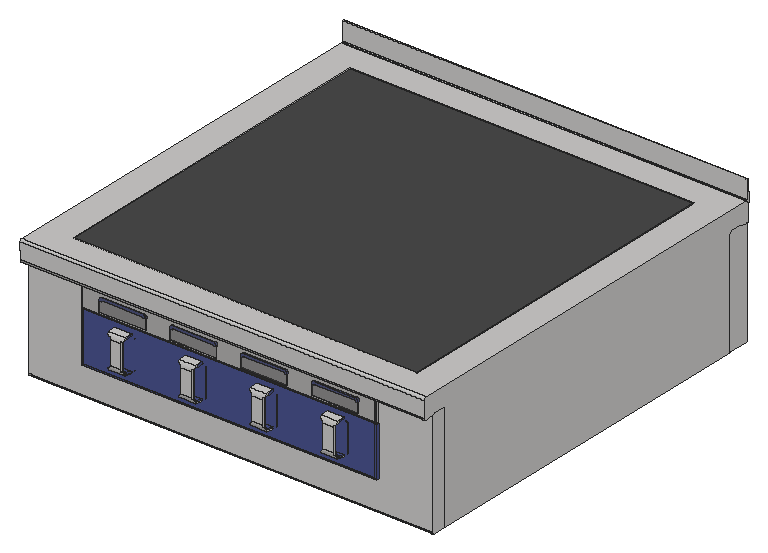
Revit family "QF_ELECTROLUXPROFESSIONAL_588016_MACDABHOAO", category Specialty Equipment, Revit 2018
Family settings
  Round Connector Dimension = Use Diameter
  Part Type = Normal
  Work Plane-Based = No
  Always vertical = Yes
  Cut with Voids When Loaded = No
  Shared = No
  Room Calculation Point = No
Parameters
  Weight in Pounds = 83.7757
  Watts = 16000 VA  # 16000 W
  Volts = 400 V  # constant formula
  URL Cutsheet = ""
  Type Mark [instance] = ""
  Status [instance] = ""
  Specification by User [instance] = ""
  Specification by Manufacturer = ""
  Show Backsplash [instance] = yes
  Serial Number = ""
  Seismic Rating = ""
  SMACNA No = ""
  Revision Code [instance] = ""
  Phase = 3  # constant formula
  Omniclass Number and Title = ""
  Number of Poles [instance] = 1
  NAFEM Spec ID Number = ""
  Model = "588016"
  Min Ckt Ampacity = 0 A
  Max Overcurrent Protection = 0 A
  Masterspec = ""
  Manufacturer = "ELECTROLUX"
  Item Number [instance] = ""
  Installed By [instance] = ""
  Identify Quantity as Lot [instance] = yes
  HP = "21.5 HP"
  Furnished By [instance] = ""
  Foodservice Equipment Identifier [instance] = yes
  FL Amps [instance] = if(Phase = 3, Watts / (Volts * 1.73), Watts / Volts)  # 23.1214 A
  Electrical Remarks = "400 V/3N ph/50/60 Hz"  # constant formula
  Electric Connection Type [instance] = ""
  Elec Conn RI Height [instance] = 0 mm
  Elec Conn Connection Height [instance] = 0 mm
  Direct Waste Size = 0"
  Description = "INFRARED TOP,4 ZONES,1S,BS,800X800X250H"
  Cycle [instance] = if([60 Hertz Option], 60 Hz, 50 Hz)  # 60 Hz
  Conn Plug = ""
  Conn Conduit = yes
  CSI MasterFormat = ""
  CSI Master Format = ""
  Back Panel [instance] = not(Show Backsplash)  # no
  Apparent Power [instance] = if(Phase = 3, Volts * FL Amps * 1.73, Volts * FL Amps)  # 16000 VA
  60 Hertz Option [instance] = not([50 Hertz Option])  # yes
  50 Hertz Option [instance] = no
Reference planes
  plane 1 "BACK": y = 0
  plane 2: z = 0
  plane 3 "LEFT": x = 0
  plane 4 "RIGHT": x = 800
  plane 5 "FRONT": y = -800
  plane 6 "TOP": z = 250
  plane 7: x = 400
  plane 8: y = -400
Forms (mm)
  Extrusion 1, solid, material "QF_Finishes_Stainless Steel"
    sketch origin (0, -487.128, 0) x (0, 1, 0) y (0, 0, 1)
      loop
        line (483.128, 250) -> (-308.872, 250)
        arc (-308.872, 250) -> (-311.7, 248.828) -> (-312.872, 246) r 4
        line (-312.872, 246) -> (-312.872, 214)
        arc (-312.872, 214) -> (-311.443, 210.936) -> (-308.177, 210.061) r 4
        line (-308.177, 210.061) -> (-291.509, 213) -> (-266.872, 213) -> (-266.872, 0) -> (441.128, 0) -> (441.128, 213) -> (465.765, 213) -> (482.433, 210.061)
        arc (482.433, 210.061) -> (485.699, 210.936) -> (487.128, 214) r 4
        line (487.128, 214) -> (487.128, 246)
        arc (487.128, 246) -> (485.956, 248.828) -> (483.128, 250) r 4
    from 0 to 800
  Extrusion 2, solid, material "QF_Finishes_Stainless Steel", visible <- "Back Panel"
    sketch origin (0, 0, 0) x (0, 1, 0) y (0, 0, 1)
      loop
        line (-46, 0) -> (-23, 0)
        arc (-23, 0) -> (-20.879, -0.879) -> (-20, -3) r 3
        line (-20, -3) -> (-20, 215)
        arc (-20, 215) -> (-20.586, 213.586) -> (-22, 213) r 2
        line (-22, 213) -> (-46, 213) -> (-46, 0)
    from 0 to 800
  Extrusion 3, void
    sketch origin (653.786, 44.048, 250) x (1, 0, 0) y (0, -1, 0)
      loop
        line (-593.786, 104.048) -> (86.214, 104.048) -> (86.214, 787.779) -> (-593.786, 787.779) -> (-593.786, 104.048)
    from 0 to 37
  Extrusion 4, solid, material "QF_Finishes_Stainless Steel"
    sketch origin (0, -754, 0) x (1, 0, 0) y (0, -1, 0)
      loop
        circle (755, -69) r 6.35
    from 0 to 3.2
  Extrusion 5, solid, material "QF_Finishes_Black"
    sketch origin (653.786, 44.048, 213) x (1, 0, 0) y (0, 1, 0)
      loop
        line (-593.786, -787.779) -> (86.214, -787.779) -> (86.214, -104.048) -> (-593.786, -104.048) -> (-593.786, -787.779)
    from 0 to 37
  Extrusion 6, solid, material "QF_Finishes_Stainless Steel", visible <- "Show Backsplash"
    sketch origin (0, 0, 0) x (0, 1, 0) y (0, 0, 1)
      loop
        line (-2.951, 2) -> (-2.951, 210.133)
        arc (-2.951, 210.133) -> (-3.795, 210.009) -> (-4.646, 210.066) r 4
        line (-4.646, 210.066) -> (-21.287, 213) -> (-45, 213) -> (-45, 0) -> (-4.951, 0)
        arc (-4.951, 0) -> (-3.537, 0.586) -> (-2.951, 2) r 2
      loop
        arc (-1.951, 252.006) -> (-2.537, 250.592) -> (-3.951, 250.006) r 2
        arc (-3.951, 250.006) -> (-1.172, 248.828) -> (0, 246) r 4
        line (0, 246) -> (0, 288.006) -> (-1.951, 288.006) -> (-1.951, 252.006)
    from 800 to 0
Cuts and joins
  Extrusion 3 cuts Extrusion 1
Lines and regions (mm)
  symbolic lines
    curve 1: line (0, 0, 0) -> (800, 0, 0)
    curve 2: line (0, -800, 0) -> (0, 0, 0)
    curve 3: line (800, -800, 0) -> (0, -800, 0)
    curve 4: line (800, 0, 0) -> (800, -800, 0)
    curve 5: line (740, -743.73, 0) -> (740, -60, 0)
    curve 6: line (740, -60, 0) -> (60, -60, 0)
    curve 7: line (60, -60, 0) -> (60, -743.73, 0)
    curve 8: line (60, -743.73, 0) -> (740, -743.73, 0)
    curve 10: line (173.641, -802.326, 0) -> (173.641, -800, 0)
    curve 11: spline (179.31, -803.73, 0) -> (178.831, -803.657, 0) -> (178.353, -803.575, 0) -> (177.876, -803.486, 0) -> (177.4, -803.389, 0) -> (176.925, -803.283, 0) -> (176.452, -803.17, 0) -> (175.98, -803.049, 0) -> (175.509, -802.92, 0) -> (175.039, -802.783, 0) -> (174.572, -802.638, 0) -> (174.105, -802.486, 0) -> (173.641, -802.326, 0)
    curve 12: line (205.857, -802.326, 0) -> (205.857, -800, 0)
    curve 13: spline (205.857, -802.326, 0) -> (205.392, -802.486, 0) -> (204.926, -802.638, 0) -> (204.458, -802.783, 0) -> (203.989, -802.92, 0) -> (203.518, -803.049, 0) -> (203.046, -803.17, 0) -> (202.572, -803.283, 0) -> (202.098, -803.389, 0) -> (201.622, -803.486, 0) -> (201.145, -803.575, 0) -> (200.667, -803.657, 0) -> (200.188, -803.73, 0)
    curve 14: line (179.31, -803.73, 0) -> (200.188, -803.73, 0)
    curve 15: line (313.892, -802.326, 0) -> (313.892, -800, 0)
    curve 16: spline (319.561, -803.73, 0) -> (319.082, -803.657, 0) -> (318.604, -803.575, 0) -> (318.127, -803.486, 0) -> (317.651, -803.389, 0) -> (317.177, -803.283, 0) -> (316.703, -803.17, 0) -> (316.231, -803.049, 0) -> (315.76, -802.92, 0) -> (315.29, -802.783, 0) -> (314.823, -802.638, 0) -> (314.357, -802.486, 0) -> (313.892, -802.326, 0)
    curve 17: line (346.108, -802.326, 0) -> (346.108, -800, 0)
    curve 18: spline (346.108, -802.326, 0) -> (345.643, -802.486, 0) -> (345.177, -802.638, 0) -> (344.71, -802.783, 0) -> (344.24, -802.92, 0) -> (343.769, -803.049, 0) -> (343.297, -803.17, 0) -> (342.823, -803.283, 0) -> (342.349, -803.389, 0) -> (341.873, -803.486, 0) -> (341.396, -803.575, 0) -> (340.918, -803.657, 0) -> (340.439, -803.73, 0)
    curve 19: line (319.561, -803.73, 0) -> (340.439, -803.73, 0)
    curve 20: line (626.359, -802.326, 0) -> (626.359, -800, 0)
    curve 21: spline (620.69, -803.73, 0) -> (621.169, -803.657, 0) -> (621.647, -803.575, 0) -> (622.124, -803.486, 0) -> (622.6, -803.389, 0) -> (623.075, -803.283, 0) -> (623.548, -803.17, 0) -> (624.02, -803.049, 0) -> (624.491, -802.92, 0) -> (624.961, -802.783, 0) -> (625.428, -802.638, 0) -> (625.895, -802.486, 0) -> (626.359, -802.326, 0)
    curve 22: line (594.143, -802.326, 0) -> (594.143, -800, 0)
    curve 23: spline (594.143, -802.326, 0) -> (594.608, -802.486, 0) -> (595.074, -802.638, 0) -> (595.542, -802.783, 0) -> (596.011, -802.92, 0) -> (596.482, -803.049, 0) -> (596.954, -803.17, 0) -> (597.428, -803.283, 0) -> (597.902, -803.389, 0) -> (598.378, -803.486, 0) -> (598.855, -803.575, 0) -> (599.333, -803.657, 0) -> (599.812, -803.73, 0)
    curve 24: line (620.69, -803.73, 0) -> (599.812, -803.73, 0)
    curve 25: line (486.108, -802.326, 0) -> (486.108, -800, 0)
    curve 26: spline (480.439, -803.73, 0) -> (480.918, -803.657, 0) -> (481.396, -803.575, 0) -> (481.873, -803.486, 0) -> (482.349, -803.389, 0) -> (482.823, -803.283, 0) -> (483.297, -803.17, 0) -> (483.769, -803.049, 0) -> (484.24, -802.92, 0) -> (484.71, -802.783, 0) -> (485.177, -802.638, 0) -> (485.643, -802.486, 0) -> (486.108, -802.326, 0)
    curve 27: line (453.892, -802.326, 0) -> (453.892, -800, 0)
    curve 28: spline (453.892, -802.326, 0) -> (454.357, -802.486, 0) -> (454.823, -802.638, 0) -> (455.29, -802.783, 0) -> (455.76, -802.92, 0) -> (456.231, -803.049, 0) -> (456.703, -803.17, 0) -> (457.177, -803.283, 0) -> (457.651, -803.389, 0) -> (458.127, -803.486, 0) -> (458.604, -803.575, 0) -> (459.082, -803.657, 0) -> (459.561, -803.73, 0)
    curve 29: line (480.439, -803.73, 0) -> (459.561, -803.73, 0)
  symbolic lines, visible <- "Show Backsplash"
    curve 9: line (0, -1.951, 0) -> (800, -1.951, 0)
Dimensions and locks
  plane 3 "LEFT" to plane 4 "RIGHT" = 800 mm
  plane 5 "FRONT" to plane 1 "BACK" = 800 mm
  equal spacing: plane 3 "LEFT", plane 7, plane 4 "RIGHT"
  equal spacing: plane 5 "FRONT", plane 8, plane 1 "BACK"
  plane 6 "TOP" to level = 250 mm  (x2)
  plane 1 "BACK" to plane 5 "FRONT" = 800 mm
  Extrusion 4 sketch curve to plane 1 "BACK" = 685 mm
  Extrusion 4 sketch curve to plane 4 "RIGHT" = 45 mm
  aligned and locked: level to plane 2
  aligned and locked: cut or joined group of Extrusion 1, Extrusion 3 to plane 4 "RIGHT"
  aligned and locked: Extrusion 2 to plane 4 "RIGHT"
  aligned and locked: Extrusion 6 to plane 4 "RIGHT"
  aligned and locked: plane 7 to nested 1
Automatic sketch dimensions
  plane 1 "BACK" to Extrusion 2 sketch curve = 46 mm
  Extrusion 2 sketch curve to Extrusion 2 sketch curve = 23 mm
  plane 1 "BACK" to Extrusion 2 sketch curve = 22 mm
  Extrusion 2 sketch curve to Extrusion 2 sketch curve = 2 mm
  Extrusion 2 sketch curve to plane 6 "TOP" = 253 mm
  level to Extrusion 2 sketch curve = 213 mm
  Extrusion 1 sketch curve to plane 5 "FRONT" = 0 mm
  Extrusion 1 sketch curve to plane 6 "TOP" = 0 mm
  Extrusion 1 sketch curve to level = 0 mm
  Extrusion 1 sketch curve to plane 1 "BACK" = 0 mm
  Extrusion 1 sketch curve to plane 6 "TOP" = 37 mm  (x2)
  Extrusion 1 sketch curve to plane 5 "FRONT" = 4 mm
  Extrusion 1 sketch curve to plane 5 "FRONT" = 21.363 mm
  Extrusion 1 sketch curve to plane 5 "FRONT" = 46 mm
  plane 1 "BACK" to Extrusion 1 sketch curve = 21.363 mm
  plane 1 "BACK" to Extrusion 1 sketch curve = 4 mm  (x2)
  Extrusion 1 sketch curve to Extrusion 1 sketch curve = 4 mm
  Extrusion 1 sketch curve to Extrusion 1 sketch curve = 0.695 mm
  Extrusion 1 sketch curve to Extrusion 1 sketch curve = 0 mm  (x4)
  plane 1 "BACK" to Extrusion 1 sketch curve = 4.695 mm
  Extrusion 1 sketch curve to Extrusion 1 sketch curve = 1 mm  (x2)
  plane 1 "BACK" to Extrusion 1 sketch curve = 46 mm
  Extrusion 6 sketch curve to level = 0 mm
  Extrusion 6 sketch curve to plane 1 "BACK" = 0 mm  (x2)
  level to Extrusion 6 sketch curve = 2 mm
  Extrusion 6 sketch curve to plane 6 "TOP" = 0 mm
  plane 1 "BACK" to Extrusion 6 sketch curve = 1.951 mm
  plane 1 "BACK" to Extrusion 6 sketch curve = 2.951 mm
  Extrusion 6 sketch curve to Extrusion 6 sketch curve = 18.335 mm
  Extrusion 6 sketch curve to Extrusion 6 sketch curve = 40.049 mm
  Extrusion 6 sketch curve to Extrusion 6 sketch curve = 1.695 mm
  Extrusion 6 sketch curve to Extrusion 6 sketch curve = 0 mm  (x3)
  plane 1 "BACK" to Extrusion 6 sketch curve = 4 mm
  plane 1 "BACK" to Extrusion 6 sketch curve = 3.951 mm
  Extrusion 6 sketch curve to Extrusion 6 sketch curve = 2 mm
  Extrusion 6 sketch curve to Extrusion 6 sketch curve = 35.867 mm
  Extrusion 6 sketch curve to plane 6 "TOP" = 37 mm
  plane 6 "TOP" to Extrusion 6 sketch curve = 2.006 mm
  Extrusion 6 sketch curve to Extrusion 6 sketch curve = 36 mm
  Extrusion 6 sketch curve to Extrusion 6 sketch curve = 0.066 mm
  plane 1 "BACK" to curve 1 = 0 mm
  curve 1 to plane 4 "RIGHT" = 0 mm
  curve 2 to plane 3 "LEFT" = 0 mm
  plane 5 "FRONT" to curve 3 = 0 mm
  plane 4 "RIGHT" to curve 5 = 60 mm
  plane 5 "FRONT" to curve 20 = 2.326 mm
  curve 5 to curve 20 = 113.641 mm
  plane 5 "FRONT" to curve 24 = 3.73 mm
  curve 21 to curve 24 = 5.669 mm
  curve 24 to curve 24 = 20.878 mm
  plane 5 "FRONT" to curve 22 = 2.326 mm
  curve 24 to curve 22 = 5.669 mm
  plane 5 "FRONT" to curve 25 = 2.326 mm
  plane 7 to curve 25 = 86.108 mm
  plane 5 "FRONT" to curve 29 = 3.73 mm
  curve 26 to curve 29 = 5.669 mm
  curve 26 to curve 29 = 20.878 mm
  plane 5 "FRONT" to curve 27 = 2.326 mm
  curve 28 to curve 27 = 5.669 mm
  plane 5 "FRONT" to curve 17 = 2.326 mm
  curve 17 to plane 7 = 53.892 mm
  plane 5 "FRONT" to curve 19 = 3.73 mm
  curve 17 to curve 19 = 5.669 mm
  curve 19 to curve 19 = 20.878 mm
  plane 5 "FRONT" to curve 15 = 2.326 mm
  curve 16 to curve 15 = 5.669 mm
  plane 5 "FRONT" to curve 12 = 2.326 mm
  curve 15 to curve 12 = 108.035 mm
  plane 5 "FRONT" to curve 14 = 3.73 mm
  curve 12 to curve 14 = 5.669 mm
  curve 13 to curve 14 = 20.878 mm
  plane 5 "FRONT" to curve 10 = 2.326 mm
  curve 11 to curve 10 = 5.669 mm
  plane 3 "LEFT" to curve 7 = 60 mm
  curve 20 to curve 21 = 9.839 mm
  curve 21 to curve 23 = 12.538 mm
  plane 5 "FRONT" to curve 26 = 4.032 mm
  curve 26 to curve 26 = 4.17 mm
  curve 26 to curve 28 = 12.538 mm
  plane 5 "FRONT" to curve 18 = 4.032 mm
  curve 19 to curve 18 = 4.17 mm
  plane 5 "FRONT" to curve 16 = 4.032 mm
  curve 16 to curve 16 = 4.17 mm
  curve 12 to curve 13 = 9.839 mm
  plane 5 "FRONT" to curve 11 = 4.032 mm
  curve 11 to curve 11 = 4.17 mm
  plane 1 "BACK" to curve 6 = 60 mm
  curve 5 to plane 5 "FRONT" = 56.27 mm
  curve 1 to curve 9 = 1.951 mm
  curve 28 to curve 26 = 0.002 mm
  curve 23 to plane 5 "FRONT" = 39.1 mm
  curve 11 to curve 13 = 0 mm
  curve 23 to curve 21 = 0 mm
  Extrusion 1 to Extrusion 3 sketch curve = 60 mm  (x2)
  Extrusion 1 to Extrusion 3 sketch curve = 52.27 mm
  Extrusion 1 to Extrusion 3 sketch curve = 56 mm
  Extrusion 5 sketch curve to Extrusion 3 = 0 mm  (x3)
  Extrusion 3 to Extrusion 5 sketch curve = 0 mm
  radius of Extrusion 4 sketch curve = 6.35 mm
Nested families
  nested 1: "IDT_800_1000 Front Panel Four Controls" at (-200, -754, -650), type "IDT_800_1000 Front Panel Four Controls"
Connectors
  electrical at (755, -685, -3.2), driven by "Volts", driven by "Watts"
    settings: on Extrusion 4, index 1, voltage 400 V, apparent load 16000 VA, apparent load phase1 0 VA, apparent load phase2 0 VA, apparent load phase3 0 VA, power factor 1, load classification "Other", number of poles 1, system type 30, power factor state 1, is connector primary yes, connector utility no, sub classification motor no, connector description "ELECTRICAL CONNECTION"
Definition of nested family "IDT_800_1000 Front Panel Four Controls"
  Parameters
    Keynote = ""
  Reference planes
    plane 1 "Center (Front/Back)": y = 0
    plane 2: z = 0
    plane 3 "Center (Left/Right)": x = 100
    plane 4: x = 600
    plane 5: x = 389.749
    plane 6: x = 530
    plane 7: x = 670.079
    plane 8: x = 809.948
  Forms (mm)
    Extrusion 1, void
      sketch origin (1213.217, 829.203, -1.25) x (1, 0, 0) y (0, 0, 1)
        loop
          line (-321.217, 853.25) -> (-905.217, 853.25) -> (-905.217, 711.25) -> (-321.217, 711.25) -> (-321.217, 853.25)
      from 843.409 to 854.203
    Extrusion 2, solid
      sketch origin (1133.217, 829.203, -1.25) x (0, 1, 0) y (0, 0, 1)
        loop
          arc (-854.203, 654.25) -> (-853.324, 652.129) -> (-851.203, 651.25) r 3
          line (-851.203, 651.25) -> (-829.203, 651.25) -> (-829.203, 864.25) -> (-854.203, 864.25) -> (-854.203, 654.25)
      from -933.217 to -133.217
  Nested families
    nested 1: "1200 Glass Panel with Four Reads" at (308, -30, 5.811), type "1200 Glass Panel with Four Reads"
    nested 2: "Sml  Range Control Handle" at (389.749, -26.645, -204.867), type "Sml  Range Control Handle"
    nested 3: "Sml  Range Control Handle" at (529.638, -26.645, -204.867), type "Sml  Range Control Handle"
    nested 4: "Sml  Range Control Handle" at (670.079, -26.645, -204.867), type "Sml  Range Control Handle"
    nested 5: "Sml  Range Control Handle" at (810.079, -26.645, -204.867), type "Sml  Range Control Handle"
  Definition of nested family "1200 Glass Panel with Four Reads"
    Reference planes
      plane 1 "Center (Front/Back)": y = 0
      plane 2: z = 0
      plane 3 "Center (Left/Right)": x = 0
      plane 4: x = 584
      plane 5: x = 581.091
      plane 6 "Top": z = 846.189
      plane 7 "Center": x = 292
    Forms (mm)
      Extrusion 1, solid
        sketch origin (550.286, 304.8, -4.308) x (1, 0, 0) y (0, 0, 1)
          loop
            line (-550.286, 806.791) -> (-550.286, 708.497) -> (33.714, 708.497) -> (33.714, 806.791) -> (-550.286, 806.791)
        from 300.031 to 304.8
      Extrusion 2, solid
        sketch origin (550.286, 304.8, -4.308) x (1, 0, 0) y (0, 0, 1)
          loop
            line (-550.286, 850.497) -> (-550.286, 806.791) -> (33.714, 806.791) -> (33.714, 850.497) -> (-550.286, 850.497)
        from 300.031 to 304.8
      Extrusion 3, void
        sketch origin (550.286, 304.8, -4.308) x (1, 0, 0) y (0, 0, 1)
          loop
            line (-547.628, 847.565) -> (-547.628, 710.699) -> (30.804, 710.699) -> (30.804, 847.565) -> (-547.628, 847.565)
        from 303.697 to 304.8
      Extrusion 4, solid, not visible
        sketch origin (550.286, 305.901, -4.308) x (1, 0, 0) y (0, 0, 1)
          loop
            line (-153.041, 812.62) -> (-153.041, 834.177) -> (-157.775, 834.177) -> (-159.574, 835.977) -> (-238.324, 835.977) -> (-240.124, 834.177) -> (-245.041, 834.177) -> (-245.041, 812.62) -> (-153.041, 812.62)
        from 304.798 to 306.745
      Extrusion 5, solid, not visible
        sketch origin (550.286, 305.901, -4.308) x (1, 0, 0) y (0, 0, 1)
          loop
            line (-240.027, 834.177) -> (-238.227, 835.977) -> (-159.594, 835.977) -> (-157.794, 834.177) -> (-153.083, 834.177)
            arc (-153.083, 834.177) -> (-154.26, 838.752) -> (-158.535, 840.763) r 5.549
            line (-158.535, 840.763) -> (-239.444, 840.763)
            arc (-239.444, 840.763) -> (-243.699, 838.747) -> (-244.835, 834.177) r 5.5
            line (-244.835, 834.177) -> (-240.027, 834.177)
        from 304.798 to 306.745
      Extrusion 6, solid
        sketch origin (700.989, 305.901, -4.308) x (1, 0, 0) y (0, 0, 1)
          loop
            line (-153.041, 812.62) -> (-153.041, 834.177) -> (-157.775, 834.177) -> (-159.574, 835.977) -> (-238.324, 835.977) -> (-240.124, 834.177) -> (-245.041, 834.177) -> (-245.041, 812.62) -> (-153.041, 812.62)
        from 304.798 to 306.745
      Extrusion 7, solid
        sketch origin (700.989, 305.901, -4.308) x (1, 0, 0) y (0, 0, 1)
          loop
            line (-240.027, 834.177) -> (-238.227, 835.977) -> (-159.594, 835.977) -> (-157.794, 834.177) -> (-153.083, 834.177)
            arc (-153.083, 834.177) -> (-154.26, 838.752) -> (-158.535, 840.763) r 5.549
            line (-158.535, 840.763) -> (-239.444, 840.763)
            arc (-239.444, 840.763) -> (-243.699, 838.747) -> (-244.835, 834.177) r 5.5
            line (-244.835, 834.177) -> (-240.027, 834.177)
        from 304.798 to 306.745
      Extrusion 8, solid
        sketch origin (560.989, 305.901, -4.308) x (1, 0, 0) y (0, 0, 1)
          loop
            line (-153.041, 812.62) -> (-153.041, 834.177) -> (-157.775, 834.177) -> (-159.574, 835.977) -> (-238.324, 835.977) -> (-240.124, 834.177) -> (-245.041, 834.177) -> (-245.041, 812.62) -> (-153.041, 812.62)
        from 304.798 to 306.745
      Extrusion 9, solid
        sketch origin (560.989, 305.901, -4.308) x (1, 0, 0) y (0, 0, 1)
          loop
            line (-240.027, 834.177) -> (-238.227, 835.977) -> (-159.594, 835.977) -> (-157.794, 834.177) -> (-153.083, 834.177)
            arc (-153.083, 834.177) -> (-154.26, 838.752) -> (-158.535, 840.763) r 5.549
            line (-158.535, 840.763) -> (-239.444, 840.763)
            arc (-239.444, 840.763) -> (-243.699, 838.747) -> (-244.835, 834.177) r 5.5
            line (-244.835, 834.177) -> (-240.027, 834.177)
        from 304.798 to 306.745
      Extrusion 10, solid
        sketch origin (700.989, 305.901, -4.308) x (1, 0, 0) y (0, 0, 1)
          loop
            line (-665.188, 812.62) -> (-573.188, 812.62) -> (-573.188, 834.177) -> (-578.105, 834.177) -> (-579.905, 835.977) -> (-658.655, 835.977) -> (-660.455, 834.177) -> (-665.188, 834.177) -> (-665.188, 812.62)
        from 304.798 to 306.745
      Extrusion 11, solid
        sketch origin (700.989, 305.901, -4.308) x (1, 0, 0) y (0, 0, 1)
          loop
            line (-578.203, 834.177) -> (-573.394, 834.177)
            arc (-573.394, 834.177) -> (-574.53, 838.747) -> (-578.786, 840.763) r 5.5
            line (-578.786, 840.763) -> (-659.695, 840.763)
            arc (-659.695, 840.763) -> (-663.97, 838.752) -> (-665.146, 834.177) r 5.549
            line (-665.146, 834.177) -> (-660.435, 834.177) -> (-658.636, 835.977) -> (-580.003, 835.977) -> (-578.203, 834.177)
        from 304.798 to 306.745
      Extrusion 12, solid
        sketch origin (560.989, 305.901, -4.308) x (1, 0, 0) y (0, 0, 1)
          loop
            line (-385.188, 812.62) -> (-293.188, 812.62) -> (-293.188, 834.177) -> (-298.105, 834.177) -> (-299.905, 835.977) -> (-378.655, 835.977) -> (-380.455, 834.177) -> (-385.188, 834.177) -> (-385.188, 812.62)
        from 304.798 to 306.745
      Extrusion 13, solid
        sketch origin (560.989, 305.901, -4.308) x (1, 0, 0) y (0, 0, 1)
          loop
            line (-298.203, 834.177) -> (-293.394, 834.177)
            arc (-293.394, 834.177) -> (-294.53, 838.747) -> (-298.786, 840.763) r 5.5
            line (-298.786, 840.763) -> (-379.695, 840.763)
            arc (-379.695, 840.763) -> (-383.97, 838.752) -> (-385.146, 834.177) r 5.549
            line (-385.146, 834.177) -> (-380.435, 834.177) -> (-378.636, 835.977) -> (-300.003, 835.977) -> (-298.203, 834.177)
        from 304.798 to 306.745
    Cuts and joins
      Extrusion 3 cuts Extrusion 1
      Extrusion 3 cuts Extrusion 2
    Lines and regions (mm)
      symbolic lines
        curve 1: line (0, 4.769, 0) -> (584, 4.769, 0)
    Dimensions and locks
      aligned and locked: Extrusion 1 to Extrusion 2
      aligned and locked: Extrusion 6 to Extrusion 7
      aligned and locked: Extrusion 8 to Extrusion 9
      aligned and locked: Extrusion 10 to Extrusion 11
      aligned and locked: Extrusion 12 to Extrusion 13
  Definition of nested family "Sml  Range Control Handle"
    Reference planes
      plane 1 "Center (Front/Back)": y = 0
      plane 2: z = 0
      plane 3 "Center (Left/Right)": x = 0
      plane 4: z = 971.092
    Forms (mm)
      Extrusion 1, solid
        sketch origin (-746.28, 380.497, 208.931) x (-1, 0, 0) y (0, 0, 1)
          loop
            line (-770.101, 786.798) -> (-770.101, 731.649)
            arc (-770.101, 731.649) -> (-769.759, 730.563) -> (-768.855, 729.87) r 1.893
            line (-768.855, 729.87) -> (-763.474, 727.911) -> (-729.81, 727.911) -> (-724.428, 729.87)
            arc (-724.428, 729.87) -> (-723.525, 730.563) -> (-723.183, 731.649) r 1.893
            line (-723.183, 731.649) -> (-723.183, 786.798)
            arc (-723.183, 786.798) -> (-723.529, 787.894) -> (-724.44, 788.593) r 1.91
            line (-724.44, 788.593) -> (-729.683, 790.819) -> (-763.601, 790.819) -> (-768.844, 788.593)
            arc (-768.844, 788.593) -> (-769.755, 787.894) -> (-770.101, 786.798) r 1.91
        from -382.35 to -378.852
      Sweep 2, solid
        path origin (-746.788, 380.496, 208.091) x (0, -1, 0) y (0, 0, 1)
          loop
            line (379.775, 793.281) -> (395.661, 791.048)
            arc (395.661, 791.048) -> (397.781, 787.377) -> (398.517, 783.202) r 12.207
            line (398.517, 783.202) -> (398.517, 737.368)
            arc (398.517, 737.368) -> (397.781, 733.193) -> (395.661, 729.522) r 12.207
            line (395.661, 729.522) -> (379.775, 727.289)
        profile origin (-746.788, -7.222, 1000.256) x (0, -0.139173, 0.990268) y (-1, 0, 0)
          loop
            line (0.782, -763.123) -> (0.782, -730.907) -> (-1.322, -730.907) -> (-1.322, -763.123) -> (0.782, -763.123)
      Sweep 3, solid
        path origin (-746.788, 380.715, 207.832) x (0, -1, 0) y (0, 0, 1)
          loop
            line (380.478, 795.442) -> (397.218, 793.09)
            arc (397.218, 793.09) -> (399.929, 788.473) -> (400.871, 783.202) r 15.207
            line (400.871, 783.202) -> (400.871, 737.584)
            arc (400.871, 737.584) -> (399.914, 732.274) -> (397.164, 727.633) r 15.207
            line (397.164, 727.633) -> (380.601, 725.305)
        profile origin (-746.788, -8.132, 1002.099) x (0, -0.139173, 0.990268) y (-1, 0, 0)
          loop
            line (0.782, -763.123) -> (0.782, -730.907) -> (-1.322, -730.907) -> (-1.322, -763.123) -> (0.782, -763.123)
      Extrusion 4, void
        sketch origin (889.253, 220.666, 207.993) x (1, 0, 0) y (0, 0, 1)
          loop
            line (-943.038, 816.854) -> (-943.038, 703.686) -> (-899.466, 734.196) -> (-899.466, 786.344) -> (-943.038, 816.854)
        from 230.636 to 242.25
      Extrusion 5, void
        sketch origin (-888.8, 220.666, 207.993) x (-1, 0, 0) y (0, 0, -1)
          loop
            line (-943.038, -816.854) -> (-899.466, -786.344) -> (-899.466, -734.196) -> (-943.038, -703.686) -> (-943.038, -816.854)
        from 230.636 to 242.25
      Extrusion 6, solid
        sketch origin (0, 0, 0) x (1, 0, 0) y (0, 0, 1)
          loop
            circle (0, 971.092) r 7.736
        from -3.137 to -1.645
    Cuts and joins
      Extrusion 4, Extrusion 5 cuts Sweep 3
      Extrusion 4, Extrusion 5 cuts Sweep 2
      joined: Extrusion 1, Extrusion 6
    Lines and regions (mm)
      symbolic lines
        curve 1: line (23.821, 1.645, 0) -> (-23.097, 1.645, 0)
        curve 2: line (16.334, -1.853, 0) -> (23.821, -1.853, 0)
        curve 3: line (-15.881, -19.189, 0) -> (-15.881, -1.853, 0)
        curve 4: line (-23.097, -1.853, 0) -> (-15.881, -1.853, 0)
        curve 5: line (16.334, -19.189, 0) -> (16.334, -1.853, 0)
        curve 6: spline (-15.881, -19.189, 0) -> (-15.417, -19.349, 0) -> (-14.951, -19.501, 0) -> (-14.483, -19.646, 0) -> (-14.014, -19.783, 0) -> (-13.543, -19.912, 0) -> (-13.071, -20.033, 0) -> (-12.597, -20.146, 0) -> (-12.122, -20.251, 0) -> (-11.646, -20.349, 0) -> (-11.169, -20.438, 0) -> (-10.691, -20.52, 0) -> (-10.213, -20.593, 0)
        curve 7: spline (10.666, -20.593, 0) -> (11.144, -20.52, 0) -> (11.622, -20.438, 0) -> (12.099, -20.349, 0) -> (12.575, -20.251, 0) -> (13.05, -20.146, 0) -> (13.524, -20.033, 0) -> (13.996, -19.912, 0) -> (14.467, -19.783, 0) -> (14.936, -19.646, 0) -> (15.404, -19.501, 0) -> (15.87, -19.349, 0) -> (16.334, -19.189, 0)
        curve 8: line (-10.213, -20.938, 0) -> (10.716, -20.938, 0)
        curve 9: line (-23.097, 1.645, 0) -> (-23.097, -1.853, 0)
        curve 10: line (23.821, 1.645, 0) -> (23.821, -1.853, 0)
    Dimensions and locks
      cut or joined group of Sweep 3, Extrusion 4, Extrusion 5 to cut or joined group of Sweep 3, Extrusion 4, Extrusion 5 = 71.686 mm
